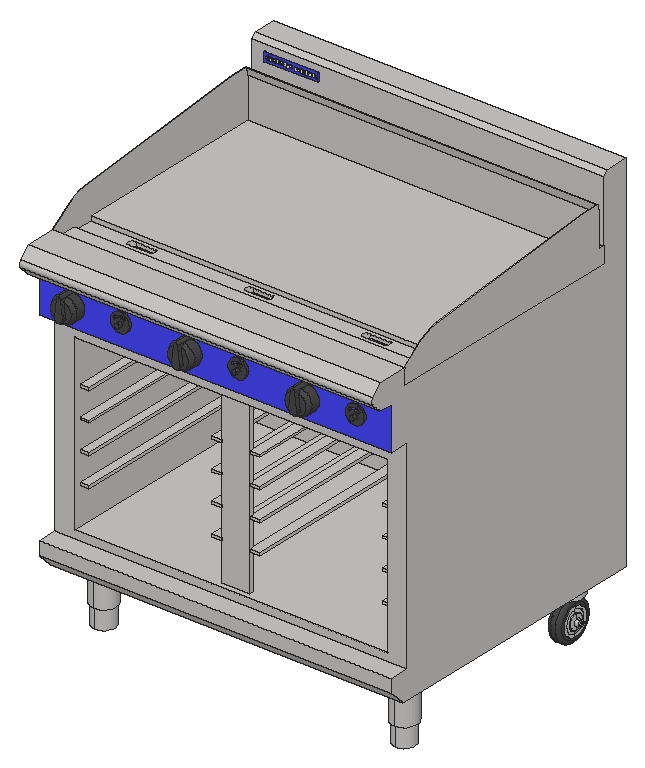
Revit family "QF_MOFFAT_BLUESEAL_CE_G516A-CB", category Specialty Equipment, Revit 2012
Parameters
  Width = 900 mm
  Weight in Pounds = 396  # constant formula
  URL Cutsheet = "www.moffat.com"
  URL = "www.moffat.com"
  Type Mark [instance] = ""
  Status [instance] = ""
  Specification by User [instance] = ""
  Specification by Manufacturer = ""
  Show Logo [instance] = yes
  Show Casters [instance] = yes
  Serial Number = ""
  Seismic Rating = ""
  SMACNA No = ""
  Revision Code [instance] = ""
  Omniclass Number and Title = ""
  NAFEM Spec ID Number = ""
  Model = "G516A-CB"
  Mechanical Remarks = ""
  Mechanical Connection Type = ""
  Masterspec = ""
  Manufacturer = "MOFFAT BLUESEAL"
  Legs [instance] = not(Show Casters)  # no
  Item Number [instance] = ""
  Installed By [instance] = ""
  Identify Quantity as Lot [instance] = yes
  Gas Size = 3/4"
  Gas RI Height = 0 mm
  Gas KW = 18
  Gas Input = 61200.0 Btu/h
  Gas Connection Height = 0 mm
  Furnished By [instance] = ""
  Foodservice Equipment Identifier [instance] = yes
  Description = "900MM GAS GRIDDLE PLATE ON CABINET BASE"
  Depth = 812 mm
  CSI MasterFormat = ""
  CSI Master Format = ""
  Base Height [instance] = 150 mm
Reference planes
  plane 1 "BACK": y = 0
  plane 2: z = 0
  plane 3 "LEFT": x = 0
  plane 4 "RIGHT": x = 900
  plane 5 "FRONT": y = -812
  plane 6 "TOP": z = 970
  plane 7 "Center Y": x = 450
  plane 8 "Center X": y = -406
  plane 9 "Base Height": z = 150
  plane 10: z = 915
  plane 11: z = 1085
  plane 12: z = 740
  plane 13: x = 834
  plane 14: x = 65
  plane 15: y = -625
  plane 16: y = -100
Forms (mm)
  Extrusion 1, solid, material "QF_Finishes_Stainless Steel"
    sketch origin (0, 0, 0) x (0, 1, 0) y (0, 0, 1)
      loop
        line (0, 150) -> (0, 1085) -> (-57.5, 1085) -> (-70, 1072.5) -> (-70, 875) -> (-705.25, 875) -> (-705.25, 915) -> (-783.97, 915) -> (-808.485, 890.485)
        arc (-808.485, 890.485) -> (-811.999, 882) -> (-808.485, 873.515) r 12
        line (-808.485, 873.515) -> (-784.97, 850) -> (-749, 850) -> (-749, 740) -> (-130.5, 740) -> (-130.5, 222.5) -> (-749, 222.5) -> (-749, 186) -> (-713, 150) -> (0, 150)
    from 0 to 900
  Extrusion 2, void
    sketch origin (705, 3, 100) x (1, 0, 0) y (0, 1, 0)
      loop
        circle (65, -35) r 13.5
    from 640 to 570
  Revolve 3, solid, material "QF_Finishes_Black"
    sketch origin (90, 7, 760) x (0, 1, 0) y (0, 0, -1)
      loop
        line (-789, -69.5) -> (-766, -69.5) -> (-766, -42) -> (-756, -42) -> (-756, -37) -> (-800, -37) -> (-800, -63.651) -> (-789, -69.5)
      axis (-800, -37) -> (-756, -37)
    angle from 0 to 360
  Extrusion 4, solid, material "QF_Finishes_Black"
    sketch origin (228.27, 7, 760.158) x (-1, 0, 0) y (0, 0, -1)
      loop
        line (127.85, -26.037) -> (133.271, -68.955)
        arc (133.271, -68.955) -> (138.27, -73.842) -> (143.268, -68.955) r 5
        line (143.268, -68.955) -> (148.757, -24.87)
        arc (148.757, -24.87) -> (137.685, -14.371) -> (127.85, -26.037) r 10.487
    from 759 to 808
  Revolve 5, solid, material "QF_Finishes_Stainless Steel", visible <- "Legs"
    sketch origin (834, -165, 0) x (0, 1, 0) y (0, 0, -1)
      loop
        line (33.25, -150) -> (65, -150) -> (65, 0) -> (37.5, 0) -> (37.5, -50) -> (33.25, -50) -> (33.25, -150)
      axis (65, -150) -> (65, 0)
    angle from 0 to 360
  Revolve 6, solid, material "QF_Finishes_Stainless Steel"
    sketch origin (834, -728, 0) x (0, 1, 0) y (0, 0, -1)
      loop
        line (71.25, -150) -> (103, -150) -> (103, 0) -> (75.5, 0) -> (75.5, -50) -> (71.25, -50) -> (71.25, -150)
      axis (103, -150) -> (103, 0)
    angle from 0 to 360
  Extrusion 7, solid, material "QF_Finishes_Stainless Steel"
    sketch origin (0, -130.5, 735) x (0, 0, 1) y (-1, 0, 0)
      loop
        line (5, -900) -> (5, 0) -> (-512.5, 0) -> (-512.5, -900) -> (5, -900)
      loop
        line (-50, -850) -> (-50, -50) -> (-492.5, -50) -> (-492.5, -850) -> (-50, -850)
    from 0 to 568.5
  Extrusion 8, void
    sketch origin (0, 0, 150) x (-1, 0, 0) y (0, -1, 0)
      loop
        line (-824.497, 87.26) -> (-824.497, -30.24) -> (-694.997, -30.24) -> (-694.997, 38.76) -> (-743.497, 87.26) -> (-824.497, 87.26)
    from 72.5 to 590
  Extrusion 9, solid, material "QF_Finishes_Stainless Steel"
    sketch origin (0, -130.5, 735) x (0, 0, 1) y (-1, 0, 0)
      loop
        line (-50, -485.5) -> (-50, -414.5) -> (-492.5, -414.5) -> (-492.5, -485.5) -> (-50, -485.5)
    from 543.302 to 553.302
  Extrusion 10, solid, material "QF_Finishes_Stainless Steel"
    sketch origin (0, -130.5, 735) x (0, 0, 1) y (-1, 0, 0)
      loop
        line (-246.25, -414.5) -> (-239.9, -414.5) -> (-239.9, -389.5) -> (-246.25, -389.5) -> (-246.25, -414.5)
      loop
        line (-321.25, -414.5) -> (-314.9, -414.5) -> (-314.9, -389.5) -> (-321.25, -389.5) -> (-321.25, -414.5)
      loop
        line (-321.25, -50) -> (-321.25, -75) -> (-314.9, -75) -> (-314.9, -50) -> (-321.25, -50)
      loop
        line (-239.9, -75) -> (-239.9, -50) -> (-246.25, -50) -> (-246.25, -75) -> (-239.9, -75)
      loop
        line (-396.25, -414.5) -> (-389.9, -414.5) -> (-389.9, -389.5) -> (-396.25, -389.5) -> (-396.25, -414.5)
      loop
        line (-396.25, -50) -> (-396.25, -75) -> (-389.9, -75) -> (-389.9, -50) -> (-396.25, -50)
      loop
        line (-171.25, -414.5) -> (-164.9, -414.5) -> (-164.9, -389.5) -> (-171.25, -389.5) -> (-171.25, -414.5)
      loop
        line (-164.9, -75) -> (-164.9, -50) -> (-171.25, -50) -> (-171.25, -75) -> (-164.9, -75)
      loop
        line (-246.25, -485.5) -> (-246.25, -510.5) -> (-239.9, -510.5) -> (-239.9, -485.5) -> (-246.25, -485.5)
      loop
        line (-321.25, -485.5) -> (-321.25, -510.5) -> (-314.9, -510.5) -> (-314.9, -485.5) -> (-321.25, -485.5)
      loop
        line (-321.25, -850) -> (-314.9, -850) -> (-314.9, -825) -> (-321.25, -825) -> (-321.25, -850)
      loop
        line (-239.9, -825) -> (-246.25, -825) -> (-246.25, -850) -> (-239.9, -850) -> (-239.9, -825)
      loop
        line (-396.25, -485.5) -> (-396.25, -510.5) -> (-389.9, -510.5) -> (-389.9, -485.5) -> (-396.25, -485.5)
      loop
        line (-396.25, -850) -> (-389.9, -850) -> (-389.9, -825) -> (-396.25, -825) -> (-396.25, -850)
      loop
        line (-171.25, -485.5) -> (-171.25, -510.5) -> (-164.9, -510.5) -> (-164.9, -485.5) -> (-171.25, -485.5)
      loop
        line (-164.9, -825) -> (-171.25, -825) -> (-171.25, -850) -> (-164.9, -850) -> (-164.9, -825)
    from 0 to 553.302
  Extrusion 11, solid, material "QF_Finishes_Stainless Steel"
    sketch origin (705, -4.5, 740) x (0, 1, 0) y (1, 0, 0)
      loop
        circle (-27.5, 65) r 6.35
    from 0 to 1.6
  Revolve 12, solid, material "QF_Finishes_Stainless Steel", visible <- "Show Casters"
    sketch origin (784.648, -99.755, -13.653) x (1, 0, 0) y (0, 0, 1)
      loop
        line (14.841, 63.604) -> (83.584, 63.604) -> (83.584, 67.109) -> (82.314, 68.379) -> (80.79, 68.379) -> (80.79, 71.826) -> (68.644, 71.826) -> (68.644, 81.79) -> (65.088, 83.843) -> (63.738, 92.179) -> (65.881, 92.179) -> (65.881, 98.529) -> (65.088, 98.529) -> (65.088, 104.879)
        arc (65.088, 104.879) -> (62.298, 111.614) -> (55.563, 114.404) r 9.525
        line (55.563, 114.404) -> (42.863, 114.404)
        arc (42.863, 114.404) -> (36.127, 111.614) -> (33.338, 104.879) r 9.525
        line (33.338, 104.879) -> (33.338, 98.529) -> (32.544, 98.529) -> (32.544, 92.179) -> (34.687, 92.179) -> (33.352, 83.932) -> (29.782, 81.871) -> (29.782, 71.826) -> (17.635, 71.826) -> (17.635, 68.379) -> (16.111, 68.379) -> (14.841, 67.109) -> (14.841, 63.604)
      axis (14.841, 63.604) -> (83.584, 63.604)
    angle from 0 to 360
  Revolve 13, solid, material "QF_Finishes_Stainless Steel", visible <- "Show Casters"
    sketch origin (833.871, -203, 0) x (0, 1, 0) y (0, 0, 1)
      loop
        line (68.25, 150) -> (68.25, 110) -> (104, 110) -> (104, 150) -> (68.25, 150)
      axis (104, 150) -> (104, 110)
    angle from 0 to 360
  Revolve 14, solid, material "QF_Finishes_Stainless Steel", visible <- "Legs"
    sketch origin (65, -165, 0) x (0, 1, 0) y (0, 0, -1)
      loop
        line (33.25, -150) -> (65, -150) -> (65, 0) -> (37.5, 0) -> (37.5, -50) -> (33.25, -50) -> (33.25, -150)
      axis (65, -150) -> (65, 0)
    angle from 0 to 360
  Revolve 15, solid, material "QF_Finishes_Stainless Steel"
    sketch origin (65, -728, 0) x (0, 1, 0) y (0, 0, -1)
      loop
        line (71.25, -150) -> (103, -150) -> (103, 0) -> (75.5, 0) -> (75.5, -50) -> (71.25, -50) -> (71.25, -150)
      axis (103, -150) -> (103, 0)
    angle from 0 to 360
  Revolve 16, solid, material "QF_Finishes_Stainless Steel", visible <- "Show Casters"
    sketch origin (15.648, -99.755, -13.653) x (1, 0, 0) y (0, 0, 1)
      loop
        line (14.841, 63.604) -> (83.584, 63.604) -> (83.584, 67.109) -> (82.314, 68.379) -> (80.79, 68.379) -> (80.79, 71.826) -> (68.644, 71.826) -> (68.644, 81.79) -> (65.088, 83.843) -> (63.738, 92.179) -> (65.881, 92.179) -> (65.881, 98.529) -> (65.088, 98.529) -> (65.088, 104.879)
        arc (65.088, 104.879) -> (62.298, 111.614) -> (55.563, 114.404) r 9.525
        line (55.563, 114.404) -> (42.863, 114.404)
        arc (42.863, 114.404) -> (36.127, 111.614) -> (33.338, 104.879) r 9.525
        line (33.338, 104.879) -> (33.338, 98.529) -> (32.544, 98.529) -> (32.544, 92.179) -> (34.687, 92.179) -> (33.352, 83.932) -> (29.782, 81.871) -> (29.782, 71.826) -> (17.635, 71.826) -> (17.635, 68.379) -> (16.111, 68.379) -> (14.841, 67.109) -> (14.841, 63.604)
      axis (14.841, 63.604) -> (83.584, 63.604)
    angle from 0 to 360
  Revolve 17, solid, material "QF_Finishes_Stainless Steel", visible <- "Show Casters"
    sketch origin (64.871, -203, 0) x (0, 1, 0) y (0, 0, 1)
      loop
        line (68.25, 150) -> (68.25, 110) -> (104, 110) -> (104, 150) -> (68.25, 150)
      axis (104, 150) -> (104, 110)
    angle from 0 to 360
  Revolve 18, solid, material "QF_Finishes_Black"
    sketch origin (390, 7, 760) x (0, 1, 0) y (0, 0, -1)
      loop
        line (-789, -69.5) -> (-766, -69.5) -> (-766, -42) -> (-756, -42) -> (-756, -37) -> (-800, -37) -> (-800, -63.651) -> (-789, -69.5)
      axis (-800, -37) -> (-756, -37)
    angle from 0 to 360
  Extrusion 19, solid, material "QF_Finishes_Black"
    sketch origin (528.27, 7, 760.158) x (-1, 0, 0) y (0, 0, -1)
      loop
        line (127.85, -26.037) -> (133.271, -68.955)
        arc (133.271, -68.955) -> (138.27, -73.842) -> (143.268, -68.955) r 5
        line (143.268, -68.955) -> (148.757, -24.87)
        arc (148.757, -24.87) -> (137.685, -14.371) -> (127.85, -26.037) r 10.487
    from 759 to 808
  Revolve 20, solid, material "QF_Finishes_Black"
    sketch origin (690, 7, 760) x (0, 1, 0) y (0, 0, -1)
      loop
        line (-789, -69.5) -> (-766, -69.5) -> (-766, -42) -> (-756, -42) -> (-756, -37) -> (-800, -37) -> (-800, -63.651) -> (-789, -69.5)
      axis (-800, -37) -> (-756, -37)
    angle from 0 to 360
  Extrusion 21, solid, material "QF_Finishes_Black"
    sketch origin (828.27, 7, 760.158) x (-1, 0, 0) y (0, 0, -1)
      loop
        line (127.85, -26.037) -> (133.271, -68.955)
        arc (133.271, -68.955) -> (138.27, -73.842) -> (143.268, -68.955) r 5
        line (143.268, -68.955) -> (148.757, -24.87)
        arc (148.757, -24.87) -> (137.685, -14.371) -> (127.85, -26.037) r 10.487
    from 759 to 808
  Extrusion 22, solid, material "QF_Finishes_Black"
    sketch origin (0, -749, 850) x (0, 0, -1) y (1, 0, 0)
      loop
        circle (53, 210) r 23.9
      loop
        circle (53, 510) r 23.9
      loop
        circle (53, 810) r 23.9
      loop
        arc (45.641, 818.419) -> (46.501, 823.219) -> (41.701, 824.079) r 3.448
        arc (41.701, 824.079) -> (35.116, 809.341) -> (42.919, 795.209) r 18.095
        arc (42.919, 795.209) -> (47.641, 796.491) -> (46.326, 801.204) r 3.448
        arc (46.326, 801.204) -> (42.758, 809.683) -> (45.641, 818.419) r 13.109
      loop
        arc (45.641, 518.419) -> (46.501, 523.219) -> (41.701, 524.079) r 3.448
        arc (41.701, 524.079) -> (35.116, 509.341) -> (42.919, 495.209) r 18.095
        arc (42.919, 495.209) -> (47.641, 496.491) -> (46.326, 501.204) r 3.448
        arc (46.326, 501.204) -> (42.758, 509.683) -> (45.641, 518.419) r 13.109
      loop
        arc (45.641, 218.419) -> (46.501, 223.219) -> (41.701, 224.079) r 3.448
        arc (41.701, 224.079) -> (35.116, 209.341) -> (42.919, 195.209) r 18.095
        arc (42.919, 195.209) -> (47.641, 196.491) -> (46.326, 201.204) r 3.448
        arc (46.326, 201.204) -> (42.758, 209.683) -> (45.641, 218.419) r 13.109
    from 0 to 5
  Extrusion 23, solid, material "QF_Finishes_Black"
    sketch origin (0, -754, 850) x (0, 0, -1) y (1, 0, 0)
      loop
        circle (56.5, 210) r 5.75
      loop
        circle (56.5, 510) r 5.75
      loop
        circle (56.5, 810) r 5.75
    from 0 to 10
Cuts and joins
  Extrusion 2, Extrusion 8 cuts Extrusion 1
  joined: Extrusion 1, Extrusion 7
Lines and regions (mm)
  Split face 1
    outline origin (900, 0, 1085) x (-1, 0, 0) y (0, -1, 0)
      loop
        arc (856, 18.385) -> (864.66, 23.385) -> (864.66, 33.385) r 10
        line (864.66, 33.385) -> (860.619, 40.385)
        arc (860.619, 40.385) -> (856.959, 44.045) -> (851.959, 45.385) r 10
        line (851.959, 45.385) -> (624, 45.385)
        arc (624, 45.385) -> (615.34, 40.385) -> (615.34, 30.385) r 10
        line (615.34, 30.385) -> (619.381, 23.385)
        arc (619.381, 23.385) -> (623.041, 19.725) -> (628.041, 18.385) r 10
        line (628.041, 18.385) -> (856, 18.385)
  Split face 2
    outline origin (900, 0, 1085) x (-1, 0, 0) y (0, -1, 0)
      loop
        arc (44, 45.385) -> (35.34, 40.385) -> (35.34, 30.385) r 10
        line (35.34, 30.385) -> (39.381, 23.385)
        arc (39.381, 23.385) -> (43.041, 19.725) -> (48.041, 18.385) r 10
        line (48.041, 18.385) -> (276, 18.385)
        arc (276, 18.385) -> (284.66, 23.385) -> (284.66, 33.385) r 10
        line (284.66, 33.385) -> (280.619, 40.385)
        arc (280.619, 40.385) -> (276.959, 44.045) -> (271.959, 45.385) r 10
        line (271.959, 45.385) -> (44, 45.385)
  Split face 3
    outline origin (900, 0, 1085) x (-1, 0, 0) y (0, -1, 0)
      loop
        arc (566, 18.385) -> (574.66, 23.385) -> (574.66, 33.385) r 10
        line (574.66, 33.385) -> (570.619, 40.385)
        arc (570.619, 40.385) -> (566.959, 44.045) -> (561.959, 45.385) r 10
        line (561.959, 45.385) -> (334, 45.385)
        arc (334, 45.385) -> (325.34, 40.385) -> (325.34, 30.385) r 10
        line (325.34, 30.385) -> (329.381, 23.385)
        arc (329.381, 23.385) -> (333.041, 19.725) -> (338.041, 18.385) r 10
        line (338.041, 18.385) -> (566, 18.385)
  symbolic lines, style "SpecialityEquipmentHiddenLines", visible <- "Show Casters"
    curve 1: line (78.456, -46.735, 0) -> (105.952, -62.61, 0)
    curve 2: line (27.656, -134.723, 0) -> (78.456, -46.735, 0)
    curve 3: line (55.152, -150.598, 0) -> (27.656, -134.723, 0)
    curve 4: line (105.952, -62.61, 0) -> (55.152, -150.598, 0)
    curve 5: line (847.456, -46.735, 0) -> (874.952, -62.61, 0)
    curve 6: line (796.656, -134.723, 0) -> (847.456, -46.735, 0)
    curve 7: line (824.152, -150.598, 0) -> (796.656, -134.723, 0)
    curve 8: line (874.952, -62.61, 0) -> (824.152, -150.598, 0)
  symbolic lines
    curve 9: line (0, -783.97, 0) -> (900, -783.97, 0)
    curve 10: line (0, -811.999, 0) -> (900, -811.999, 0)
    curve 11: line (0, 0, 0) -> (0, -811.999, 0)
    curve 12: line (900, 0, 0) -> (0, 0, 0)
    curve 13: line (900, -811.999, 0) -> (900, 0, 0)
    curve 14: line (624, -18.385, 0) -> (851.959, -18.385, 0)
    curve 15: arc (851.959, -18.385, 0) -> (856.959, -19.725, 0) -> (860.619, -23.385, 0) r 10
    curve 16: line (860.619, -23.385, 0) -> (864.66, -30.385, 0)
    curve 17: arc (864.66, -30.385, 0) -> (864.66, -40.385, 0) -> (856, -45.385, 0) r 10
    curve 18: line (856, -45.385, 0) -> (628.041, -45.385, 0)
    curve 19: arc (628.041, -45.385, 0) -> (623.041, -44.045, 0) -> (619.381, -40.385, 0) r 10
    curve 20: line (619.381, -40.385, 0) -> (615.34, -33.385, 0)
    curve 21: arc (615.34, -33.385, 0) -> (615.34, -23.385, 0) -> (624, -18.385, 0) r 10
    curve 22: line (561.959, -18.385, 0) -> (334, -18.385, 0)
    curve 23: arc (334, -18.385, 0) -> (325.34, -23.385, 0) -> (325.34, -33.385, 0) r 10
    curve 24: line (325.34, -33.385, 0) -> (329.381, -40.385, 0)
    curve 25: arc (329.381, -40.385, 0) -> (333.041, -44.045, 0) -> (338.041, -45.385, 0) r 10
    curve 26: line (338.041, -45.385, 0) -> (566, -45.385, 0)
    curve 27: arc (566, -45.385, 0) -> (574.66, -40.385, 0) -> (574.66, -30.385, 0) r 10
    curve 28: line (574.66, -30.385, 0) -> (570.619, -23.385, 0)
    curve 29: arc (570.619, -23.385, 0) -> (566.959, -19.725, 0) -> (561.959, -18.385, 0) r 10
    curve 30: line (44, -18.385, 0) -> (271.959, -18.385, 0)
    curve 31: arc (271.959, -18.385, 0) -> (276.959, -19.725, 0) -> (280.619, -23.385, 0) r 10
    curve 32: line (280.619, -23.385, 0) -> (284.66, -30.385, 0)
    curve 33: arc (284.66, -30.385, 0) -> (284.66, -40.385, 0) -> (276, -45.385, 0) r 10
    curve 34: line (276, -45.385, 0) -> (48.041, -45.385, 0)
    curve 35: arc (48.041, -45.385, 0) -> (43.041, -44.045, 0) -> (39.381, -40.385, 0) r 10
    curve 36: line (39.381, -40.385, 0) -> (35.34, -33.385, 0)
    curve 37: arc (35.34, -33.385, 0) -> (35.34, -23.385, 0) -> (44, -18.385, 0) r 10
    curve 38: line (0, -705.25, 0) -> (900, -705.25, 0)
    curve 39: line (0, -57.5, 0) -> (900, -57.5, 0)
    curve 40: line (0, -70, 0) -> (900, -70, 0)
Dimensions and locks
  equal spacing: plane 3 "LEFT", plane 7 "Center Y", plane 4 "RIGHT"
  "Width": plane 3 "LEFT" to plane 4 "RIGHT"
  equal spacing: plane 5 "FRONT", plane 8 "Center X", plane 1 "BACK"
  "Depth": plane 5 "FRONT" to plane 1 "BACK"
  "Base Height": plane 9 "Base Height" to level
  plane 10 to level = 915 mm
  cut or joined group of Extrusion 1, Extrusion 2, Extrusion 7, Extrusion 8 to level = 740 mm
  plane 11 to plane 2 = 1085 mm
  plane 2 to plane 12 = 740 mm
  plane 13 to plane 14 = 769 mm
  plane 16 to plane 15 = 525 mm
  plane 1 "BACK" to plane 16 = 100 mm
  Revolve 12 sketch curve to Revolve 12 sketch curve = 50.8 mm
  Extrusion 11 sketch curve to plane 4 "RIGHT" = 130 mm
  Revolve 16 sketch curve to Revolve 16 sketch curve = 50.8 mm
  Extrusion 11 sketch curve to plane 1 "BACK" = 32 mm
  aligned and locked: level to plane 2
Automatic sketch dimensions
  plane 1 "BACK" to curve 12 = 0 mm
  curve 12 to plane 3 "LEFT" = 0 mm
  curve 10 to plane 4 "RIGHT" = 0 mm
  plane 3 "LEFT" to curve 2 = 27.656 mm
  curve 36 to plane 14 = 29.66 mm
  curve 37 to curve 35 = 4.041 mm  (x2)
  curve 37 to curve 37 = 8.66 mm
  curve 4 to plane 14 = 9.848 mm
  plane 14 to curve 1 = 13.456 mm
  plane 1 "BACK" to curve 30 = 18.385 mm
  curve 1 to curve 30 = 166.007 mm
  curve 31 to curve 34 = 4.041 mm
  curve 30 to curve 31 = 8.66 mm
  plane 1 "BACK" to curve 32 = 30.385 mm
  curve 31 to curve 32 = 4.041 mm
  plane 1 "BACK" to curve 24 = 33.385 mm
  curve 32 to curve 24 = 40.679 mm
  curve 24 to curve 25 = 4.041 mm
  curve 23 to curve 22 = 8.66 mm
  curve 25 to curve 25 = 8.66 mm
  plane 1 "BACK" to curve 29 = 28.385 mm
  plane 7 "Center Y" to curve 29 = 111.959 mm
  curve 29 to curve 27 = 4.041 mm
  curve 22 to curve 29 = 8.66 mm
  plane 1 "BACK" to curve 28 = 30.385 mm
  curve 29 to curve 28 = 4.041 mm
  plane 1 "BACK" to curve 20 = 33.385 mm
  curve 28 to curve 20 = 40.679 mm
  plane 1 "BACK" to curve 20 = 40.385 mm
  curve 20 to curve 20 = 4.041 mm
  curve 20 to curve 21 = 8.66 mm
  curve 21 to curve 19 = 4.041 mm
  curve 6 to plane 13 = 37.344 mm
  curve 8 to plane 13 = 9.848 mm
  plane 13 to curve 6 = 13.456 mm
  plane 13 to curve 15 = 17.959 mm
  curve 15 to curve 17 = 4.041 mm
  curve 14 to curve 16 = 8.66 mm
  curve 16 to curve 16 = 4.041 mm
  curve 35 to curve 30 = 27 mm
  curve 19 to curve 19 = 5 mm
  curve 25 to curve 23 = 12 mm
  curve 1 to curve 35 = 1.35 mm
  curve 5 to curve 17 = 1.35 mm
  curve 39 to plane 16 = 42.5 mm
  curve 8 to curve 39 = 5.11 mm
  curve 1 to curve 1 = 15.875 mm
  curve 40 to curve 39 = 12.5 mm
  plane 15 to curve 38 = 80.25 mm
  curve 9 to plane 5 "FRONT" = 28.03 mm
  curve 10 to plane 5 "FRONT" = 0.001 mm
  curve 25 to curve 24 = 7 mm
  curve 34 to curve 35 = 5 mm
  curve 18 to curve 17 = 10 mm
  curve 35 to curve 37 = 7 mm
  curve 25 to curve 23 = 7 mm
  curve 19 to curve 21 = 7 mm
  curve 33 to curve 31 = 7 mm
  curve 17 to curve 15 = 7 mm
  Extrusion 1 sketch curve to plane 10 = 0 mm
  plane 12 to Extrusion 1 sketch curve = 0 mm
  Extrusion 1 sketch curve to plane 9 "Base Height" = 0 mm
  Extrusion 1 sketch curve to plane 11 = 0 mm
  Extrusion 1 sketch curve to plane 1 "BACK" = 0 mm
  Extrusion 1 sketch curve to plane 16 = 42.5 mm
  Extrusion 1 sketch curve to plane 16 = 30 mm
  plane 16 to Extrusion 1 sketch curve = 30.5 mm
  plane 15 to Extrusion 1 sketch curve = 80.25 mm
  plane 15 to Extrusion 1 sketch curve = 88 mm
  Extrusion 1 sketch curve to plane 5 "FRONT" = 63 mm  (x2)
  Extrusion 1 sketch curve to plane 5 "FRONT" = 28.03 mm
  Extrusion 1 sketch curve to plane 5 "FRONT" = 27.03 mm
  Extrusion 1 sketch curve to plane 5 "FRONT" = 12.001 mm
  Extrusion 1 sketch curve to plane 5 "FRONT" = 3.515 mm  (x2)
  plane 9 "Base Height" to Extrusion 1 sketch curve = 36 mm
  Extrusion 1 sketch curve to Extrusion 1 sketch curve = 36.5 mm
  Extrusion 1 sketch curve to plane 10 = 65 mm
  Extrusion 1 sketch curve to Extrusion 1 sketch curve = 23.515 mm
  Extrusion 1 sketch curve to plane 10 = 40 mm
  Extrusion 1 sketch curve to Extrusion 1 sketch curve = 8.485 mm
  Extrusion 1 sketch curve to plane 11 = 12.5 mm
  plane 1 "BACK" to Extrusion 2 sketch curve = 32 mm
  Extrusion 2 sketch curve to plane 13 = 64 mm
  Revolve 3 sketch curve to plane 5 "FRONT" = 19 mm
  Revolve 3 sketch curve to Revolve 3 sketch curve = 0 mm  (x2)
  Revolve 3 sketch curve to Revolve 3 sketch curve = 11 mm
  Revolve 3 sketch curve to Revolve 3 sketch curve = 12.7 mm
  Revolve 3 sketch curve to Revolve 3 sketch curve = 23 mm
  Revolve 3 sketch curve to Revolve 3 sketch curve = 10 mm
  Revolve 3 sketch curve to plane 10 = 85.5 mm
  Revolve 3 sketch curve to Revolve 3 sketch curve = 5.849 mm
  Revolve 3 sketch curve to Revolve 3 sketch curve = 27.5 mm
  Revolve 3 sketch curve to Revolve 3 sketch curve = 5 mm
  plane 14 to Extrusion 4 sketch curve = 35.419 mm
  plane 14 to Extrusion 4 sketch curve = 29.999 mm
  Extrusion 4 sketch curve to Extrusion 4 sketch curve = 10.419 mm
  Extrusion 4 sketch curve to Extrusion 4 sketch curve = 4.999 mm  (x2)
  Extrusion 4 sketch curve to Extrusion 4 sketch curve = 10.487 mm
  Extrusion 4 sketch curve to plane 10 = 85.887 mm
  Extrusion 4 sketch curve to Extrusion 4 sketch curve = 0.113 mm
  Extrusion 4 sketch curve to Extrusion 4 sketch curve = 42.919 mm
  Extrusion 4 sketch curve to Extrusion 4 sketch curve = 1.167 mm
  Revolve 5 sketch curve to plane 9 "Base Height" = 0 mm
  Revolve 5 sketch curve to level = 0 mm
  Revolve 5 sketch curve to plane 16 = 0 mm  (x2)
  plane 16 to Revolve 5 sketch curve = 27.5 mm
  plane 16 to Revolve 5 sketch curve = 31.75 mm
  level to Revolve 5 sketch curve = 50 mm
  Revolve 5 sketch curve to Revolve 5 sketch curve = 0 mm
  Revolve 5 sketch curve to Revolve 5 sketch curve = 55 mm
  Revolve 6 sketch curve to plane 9 "Base Height" = 0 mm
  Revolve 6 sketch curve to level = 0 mm
  Revolve 6 sketch curve to plane 15 = 0 mm  (x2)
  plane 15 to Revolve 6 sketch curve = 27.5 mm
  plane 15 to Revolve 6 sketch curve = 31.75 mm
  level to Revolve 6 sketch curve = 50 mm
  Revolve 6 sketch curve to Revolve 6 sketch curve = 0 mm
  Revolve 6 sketch curve to Revolve 6 sketch curve = 55 mm
  Extrusion 1 to Extrusion 7 sketch curve = 0 mm
  Extrusion 7 sketch curve to Extrusion 1 = 0 mm  (x3)
  Extrusion 1 to Extrusion 7 sketch curve = 20 mm
  Extrusion 7 sketch curve to Extrusion 1 = 55 mm
  Extrusion 1 to Extrusion 7 sketch curve = 50 mm  (x2)
  Extrusion 8 sketch curve to plane 13 = 9.503 mm
  Extrusion 8 sketch curve to plane 16 = 12.74 mm
  Extrusion 8 sketch curve to Extrusion 8 sketch curve = 81 mm
  Extrusion 8 sketch curve to Extrusion 8 sketch curve = 48.5 mm
  plane 1 "BACK" to Extrusion 8 sketch curve = 38.76 mm
  Extrusion 8 sketch curve to plane 1 "BACK" = 30.24 mm
  Extrusion 1 to Extrusion 9 sketch curve = 20 mm
  Extrusion 9 sketch curve to Extrusion 1 = 55 mm
  Extrusion 1 to Extrusion 9 sketch curve = 414.5 mm
  Extrusion 9 sketch curve to Extrusion 9 sketch curve = 71 mm
  Extrusion 1 to Extrusion 10 sketch curve = 116.25 mm  (x3)
  Extrusion 10 sketch curve to Extrusion 10 sketch curve = 0 mm  (x6)
  Extrusion 1 to Extrusion 10 sketch curve = 50 mm  (x4)
  Extrusion 10 sketch curve to Extrusion 10 sketch curve = 6.35 mm  (x16)
  Extrusion 10 sketch curve to Extrusion 10 sketch curve = 68.65 mm  (x12)
  Extrusion 10 sketch curve to Extrusion 10 sketch curve = 25 mm  (x16)
  Extrusion 10 sketch curve to Extrusion 10 sketch curve = 314.5 mm
  Extrusion 10 sketch curve to Extrusion 10 sketch curve = 71 mm  (x4)
  Extrusion 1 to Extrusion 10 sketch curve = 75 mm  (x2)
  Split face 1 sketch curve to cut or joined group of Extrusion 1, Extrusion 2, Extrusion 7, Extrusion 8 = 27.115 mm
  Split face 1 sketch curve to cut or joined group of Extrusion 1, Extrusion 2, Extrusion 7, Extrusion 8 = 284.66 mm
  Split face 1 sketch curve to Split face 1 sketch curve = 4.041 mm  (x4)
  Split face 1 sketch curve to Split face 1 sketch curve = 8.66 mm  (x2)
  Split face 1 sketch curve to cut or joined group of Extrusion 1, Extrusion 2, Extrusion 7, Extrusion 8 = 12.115 mm
  Split face 1 sketch curve to cut or joined group of Extrusion 1, Extrusion 2, Extrusion 7, Extrusion 8 = 48.041 mm
  Split face 1 sketch curve to Split face 1 sketch curve = 7 mm  (x3)
  Split face 1 sketch curve to Split face 1 sketch curve = 17 mm
  Split face 2 sketch curve to cut or joined group of Extrusion 1, Extrusion 2, Extrusion 7, Extrusion 8 = 35.34 mm
  Split face 2 sketch curve to Split face 2 sketch curve = 4.041 mm  (x4)
  Split face 2 sketch curve to Split face 2 sketch curve = 8.66 mm  (x2)
  Split face 2 sketch curve to cut or joined group of Extrusion 1, Extrusion 2, Extrusion 7, Extrusion 8 = 22.115 mm
  Split face 2 sketch curve to Split face 2 sketch curve = 223.917 mm
  Split face 2 sketch curve to cut or joined group of Extrusion 1, Extrusion 2, Extrusion 7, Extrusion 8 = 17.115 mm
  Split face 2 sketch curve to Split face 2 sketch curve = 10 mm
  Split face 2 sketch curve to Split face 2 sketch curve = 7 mm  (x3)
  Split face 3 sketch curve to cut or joined group of Extrusion 1, Extrusion 2, Extrusion 7, Extrusion 8 = 27.115 mm
  Split face 3 sketch curve to cut or joined group of Extrusion 1, Extrusion 2, Extrusion 7, Extrusion 8 = 325.34 mm
  Split face 3 sketch curve to Split face 3 sketch curve = 4.041 mm  (x4)
  Split face 3 sketch curve to Split face 3 sketch curve = 8.66 mm  (x2)
  Split face 3 sketch curve to cut or joined group of Extrusion 1, Extrusion 2, Extrusion 7, Extrusion 8 = 12.115 mm
  Split face 3 sketch curve to Split face 3 sketch curve = 223.917 mm
  Split face 3 sketch curve to Split face 3 sketch curve = 7 mm  (x3)
  Split face 3 sketch curve to Split face 3 sketch curve = 17 mm
  Revolve 12 sketch curve to plane 13 = 34.511 mm
  Revolve 12 sketch curve to Revolve 12 sketch curve = 1.27 mm  (x4)
  Revolve 12 sketch curve to Revolve 12 sketch curve = 1.524 mm  (x2)
  Revolve 12 sketch curve to Revolve 12 sketch curve = 12.146 mm  (x2)
  Revolve 12 sketch curve to plane 13 = 16.809 mm
  Revolve 12 sketch curve to Revolve 12 sketch curve = 0.794 mm  (x2)
  Revolve 12 sketch curve to Revolve 12 sketch curve = 3.57 mm
  Revolve 12 sketch curve to Revolve 12 sketch curve = 2.143 mm
  Revolve 12 sketch curve to plane 13 = 6.49 mm
  plane 13 to Revolve 12 sketch curve = 5.001 mm
  plane 13 to Revolve 12 sketch curve = 6.21 mm
  plane 13 to Revolve 12 sketch curve = 14.386 mm
  Revolve 12 sketch curve to Revolve 12 sketch curve = 1.349 mm  (x2)
  Revolve 12 sketch curve to Revolve 12 sketch curve = 3.556 mm
  Revolve 12 sketch curve to plane 4 "RIGHT" = 1.551 mm
  level to Revolve 12 sketch curve = 49.952 mm
  Revolve 12 sketch curve to Revolve 12 sketch curve = 0 mm
  Revolve 12 sketch curve to Revolve 12 sketch curve = 3.505 mm  (x2)
  Revolve 12 sketch curve to Revolve 12 sketch curve = 3.447 mm  (x2)
  Revolve 12 sketch curve to Revolve 12 sketch curve = 9.964 mm
  Revolve 12 sketch curve to Revolve 12 sketch curve = 10.045 mm
  Revolve 12 sketch curve to Revolve 12 sketch curve = 2.053 mm
  Revolve 12 sketch curve to Revolve 12 sketch curve = 2.061 mm
  Revolve 12 sketch curve to Revolve 12 sketch curve = 8.247 mm
  Revolve 12 sketch curve to Revolve 12 sketch curve = 8.336 mm
  Revolve 12 sketch curve to Revolve 12 sketch curve = 6.35 mm  (x2)
  Revolve 13 sketch curve to plane 9 "Base Height" = 0 mm
  plane 16 to Revolve 13 sketch curve = 34.75 mm
  Revolve 13 sketch curve to plane 16 = 1 mm  (x2)
  Revolve 13 sketch curve to plane 9 "Base Height" = 40 mm
  level to Revolve 13 sketch curve = 50 mm
  Revolve 13 sketch curve to level = 55 mm
  Revolve 14 sketch curve to plane 9 "Base Height" = 0 mm
  Revolve 14 sketch curve to level = 0 mm
  Revolve 14 sketch curve to plane 16 = 0 mm  (x2)
  plane 16 to Revolve 14 sketch curve = 27.5 mm
  plane 16 to Revolve 14 sketch curve = 31.75 mm
  level to Revolve 14 sketch curve = 50 mm
  Revolve 14 sketch curve to Revolve 14 sketch curve = 0 mm
  Revolve 14 sketch curve to Revolve 14 sketch curve = 55 mm
  Revolve 15 sketch curve to plane 9 "Base Height" = 0 mm
  Revolve 15 sketch curve to level = 0 mm
  Revolve 15 sketch curve to plane 15 = 0 mm  (x2)
  plane 15 to Revolve 15 sketch curve = 27.5 mm
  plane 15 to Revolve 15 sketch curve = 31.75 mm
  level to Revolve 15 sketch curve = 50 mm
  Revolve 15 sketch curve to Revolve 15 sketch curve = 0 mm
  Revolve 15 sketch curve to Revolve 15 sketch curve = 55 mm
  plane 3 "LEFT" to Revolve 16 sketch curve = 30.489 mm
  Revolve 16 sketch curve to Revolve 16 sketch curve = 1.27 mm  (x4)
  Revolve 16 sketch curve to Revolve 16 sketch curve = 1.524 mm  (x2)
  Revolve 16 sketch curve to Revolve 16 sketch curve = 12.146 mm  (x2)
  Revolve 16 sketch curve to plane 14 = 16.809 mm
  Revolve 16 sketch curve to Revolve 16 sketch curve = 0.794 mm  (x2)
  Revolve 16 sketch curve to Revolve 16 sketch curve = 3.57 mm
  Revolve 16 sketch curve to Revolve 16 sketch curve = 2.143 mm
  Revolve 16 sketch curve to plane 14 = 6.49 mm
  plane 14 to Revolve 16 sketch curve = 5.001 mm
  plane 14 to Revolve 16 sketch curve = 6.21 mm
  plane 14 to Revolve 16 sketch curve = 14.386 mm
  Revolve 16 sketch curve to Revolve 16 sketch curve = 1.349 mm  (x2)
  Revolve 16 sketch curve to Revolve 16 sketch curve = 3.556 mm
  Revolve 16 sketch curve to Revolve 16 sketch curve = 33.32 mm
  level to Revolve 16 sketch curve = 49.952 mm
  Revolve 16 sketch curve to Revolve 16 sketch curve = 0 mm
  Revolve 16 sketch curve to Revolve 16 sketch curve = 3.505 mm  (x2)
  Revolve 16 sketch curve to Revolve 16 sketch curve = 3.447 mm  (x2)
  Revolve 16 sketch curve to Revolve 16 sketch curve = 9.964 mm
  Revolve 16 sketch curve to Revolve 16 sketch curve = 10.045 mm
  Revolve 16 sketch curve to Revolve 16 sketch curve = 2.053 mm
  Revolve 16 sketch curve to Revolve 16 sketch curve = 2.061 mm
  Revolve 16 sketch curve to Revolve 16 sketch curve = 8.247 mm
  Revolve 16 sketch curve to Revolve 16 sketch curve = 8.336 mm
  Revolve 16 sketch curve to Revolve 16 sketch curve = 6.35 mm  (x2)
  Revolve 17 sketch curve to plane 9 "Base Height" = 0 mm
  plane 16 to Revolve 17 sketch curve = 34.75 mm
  Revolve 17 sketch curve to plane 16 = 1 mm  (x2)
  Revolve 17 sketch curve to plane 9 "Base Height" = 40 mm
  level to Revolve 17 sketch curve = 50 mm
  Revolve 17 sketch curve to level = 55 mm
  Revolve 18 sketch curve to plane 5 "FRONT" = 19 mm
  Revolve 18 sketch curve to Revolve 18 sketch curve = 0 mm  (x2)
  Revolve 18 sketch curve to Revolve 18 sketch curve = 11 mm
  Revolve 18 sketch curve to Revolve 18 sketch curve = 12.7 mm
  Revolve 18 sketch curve to Revolve 18 sketch curve = 23 mm
  Revolve 18 sketch curve to Revolve 18 sketch curve = 10 mm
  Revolve 18 sketch curve to plane 10 = 85.5 mm
  Revolve 18 sketch curve to Revolve 18 sketch curve = 5.849 mm
  Revolve 18 sketch curve to Revolve 18 sketch curve = 27.5 mm
  Revolve 18 sketch curve to Revolve 18 sketch curve = 5 mm
  Extrusion 19 sketch curve to plane 7 "Center Y" = 49.581 mm
  Extrusion 19 sketch curve to Extrusion 19 sketch curve = 5.421 mm
  Extrusion 19 sketch curve to Extrusion 19 sketch curve = 10.419 mm
  Extrusion 19 sketch curve to Extrusion 19 sketch curve = 4.999 mm  (x2)
  Extrusion 19 sketch curve to Extrusion 19 sketch curve = 10.487 mm
  Extrusion 19 sketch curve to plane 10 = 85.887 mm
  Extrusion 19 sketch curve to Extrusion 19 sketch curve = 0.113 mm
  Extrusion 19 sketch curve to Extrusion 19 sketch curve = 42.919 mm
  Extrusion 19 sketch curve to Extrusion 19 sketch curve = 1.167 mm
  Revolve 20 sketch curve to plane 5 "FRONT" = 19 mm
  Revolve 20 sketch curve to Revolve 20 sketch curve = 0 mm  (x2)
  Revolve 20 sketch curve to Revolve 20 sketch curve = 11 mm
  Revolve 20 sketch curve to Revolve 20 sketch curve = 12.7 mm
  Revolve 20 sketch curve to Revolve 20 sketch curve = 23 mm
  Revolve 20 sketch curve to Revolve 20 sketch curve = 10 mm
  Revolve 20 sketch curve to plane 10 = 85.5 mm
  Revolve 20 sketch curve to Revolve 20 sketch curve = 5.849 mm
  Revolve 20 sketch curve to Revolve 20 sketch curve = 27.5 mm
  Revolve 20 sketch curve to Revolve 20 sketch curve = 5 mm
  Extrusion 21 sketch curve to plane 12 = 46.195 mm
  Extrusion 21 sketch curve to plane 13 = 133.581 mm
  Extrusion 21 sketch curve to Extrusion 21 sketch curve = 5.421 mm
  Extrusion 21 sketch curve to Extrusion 21 sketch curve = 10.419 mm
  Extrusion 21 sketch curve to Extrusion 21 sketch curve = 4.999 mm  (x2)
  Extrusion 21 sketch curve to plane 10 = 85.887 mm
  Extrusion 21 sketch curve to Extrusion 21 sketch curve = 10.487 mm
  Extrusion 21 sketch curve to Extrusion 21 sketch curve = 0.113 mm
  Extrusion 21 sketch curve to Extrusion 21 sketch curve = 1.167 mm
  Extrusion 1 to Extrusion 22 sketch curve = 41.701 mm
  Extrusion 22 sketch curve to Extrusion 22 sketch curve = 1.218 mm
  Extrusion 22 sketch curve to Extrusion 22 sketch curve = 1.97 mm  (x6)
  Extrusion 22 sketch curve to Extrusion 22 sketch curve = 1.724 mm  (x3)
  Extrusion 22 sketch curve to Extrusion 22 sketch curve = 1.683 mm  (x3)
  Extrusion 1 to Extrusion 22 sketch curve = 53 mm  (x2)
  Extrusion 22 sketch curve to Extrusion 22 sketch curve = 6.674 mm
  Extrusion 22 sketch curve to Extrusion 22 sketch curve = 0.195 mm  (x3)
  Extrusion 22 sketch curve to Extrusion 22 sketch curve = 2.662 mm  (x3)
  Extrusion 1 to Extrusion 22 sketch curve = 210 mm
  Extrusion 22 sketch curve to Extrusion 22 sketch curve = 300 mm
  Extrusion 1 to Extrusion 22 sketch curve = 104.791 mm
  Extrusion 22 sketch curve to Extrusion 22 sketch curve = 2.986 mm  (x2)
  Extrusion 22 sketch curve to Extrusion 22 sketch curve = 8.796 mm  (x2)
  Extrusion 22 sketch curve to Extrusion 22 sketch curve = 0.103 mm  (x3)
  Extrusion 22 sketch curve to Extrusion 22 sketch curve = 0.102 mm  (x3)
  Extrusion 22 sketch curve to Extrusion 22 sketch curve = 11.299 mm  (x2)
  Extrusion 22 sketch curve to Extrusion 22 sketch curve = 10.081 mm  (x2)
  Extrusion 22 sketch curve to Extrusion 22 sketch curve = 14.791 mm
  Extrusion 22 sketch curve to Extrusion 22 sketch curve = 3.009 mm
  radius of Extrusion 2 sketch curve = 13.5 mm
  radius of Extrusion 11 sketch curve = 6.35 mm
  radius of Extrusion 22 sketch curve = 23.9 mm  (x3)
Nested families
  nested 1: "WALDORF LOGO_FACE BASE" at (32, -70, 1056.885) x (1, 0, 0) z (0, -1, 0), visible <- "Show Logo", type "WALDORF LOGO_FACE BASE", detail levels medium+fine
    with Show Logo yes
  nested 2: "ELECTRIC GRIDDLE PLATE 900" at (0, -85.003, 875), type "ELECTRIC GRIDDLE PLATE 900"
    with Width 900 mm, Type Mark "", Status "", Specification by User "", Revision Code "", Item Number "", Installed By "", Identify Quantity as Lot yes, Furnished By "", Foodservice Equipment Identifier yes, Depth 620 mm
Connectors
  piping at (770, -32, 738.4)
    settings: on Extrusion 11, index 1, connector radius 0.37402", flow factor 0, pipe flow 0 GPM, pressure drop 0.00 psi, fitting loss kfactor 0, connector angle 0.00°, fixture units 0, engagement length 0 mm, flow configuration 1, flow direction 1, fitting loss method 0, system type 7, joint type 0, gender type 0, connector reference index -1, connector utility 0, adjustable connector no, is connector primary yes, fitting loss table "", connector description "GAS CONNECTION"
Definition of nested family "WALDORF LOGO_FACE BASE"
  Parameters (values of type "WALDORF LOGO_FACE BASE")
    Show Logo [instance] = yes
    Default Elevation = 1219.2 mm
  Reference planes
    plane 1 "Center (Front/Back)": y = 0
    plane 2: z = 0
    plane 3 "Center (Left/Right)": x = 0
  Forms (mm)
    Extrusion 1, solid
      sketch origin (0, 0, 0) x (1, 0, 0) y (0, 1, 0)
        loop
          line (-1219.2, 1219.2) -> (-1219.2, -1219.2) -> (1219.2, -1219.2) -> (1219.2, 1219.2) -> (-1219.2, 1219.2)
      from 0 to -304.8
    Extrusion 2, solid, material "QF_Finishes_Blue", visible <- "Show Logo"
      sketch origin (0, -33.217, 0) x (1, 0, 0) y (0, 1, 0)
        loop
          arc (138, 31.942) -> (137.626, 32.844) -> (136.724, 33.217) r 1.276
          line (136.724, 33.217) -> (1.29, 33.217)
          arc (1.29, 33.217) -> (0.378, 32.839) -> (0, 31.927) r 1.29
          line (0, 31.927) -> (0, 11.507)
          arc (0, 11.507) -> (0.378, 10.595) -> (1.29, 10.217) r 1.29
          line (1.29, 10.217) -> (136.71, 10.217)
          arc (136.71, 10.217) -> (137.622, 10.595) -> (138, 11.507) r 1.29
          line (138, 11.507) -> (138, 31.942)
      from 0 to 1.588
    Extrusion 3, solid, material "QF_Finishes_White", visible <- "Show Logo"
      sketch origin (0, -33.217, 1.588) x (1, 0, 0) y (0, 1, 0)
        loop
          arc (108.946, 25.919) -> (107.613, 25.367) -> (107.061, 24.034) r 1.885
          line (107.061, 24.034) -> (107.061, 17.211) -> (112.704, 17.211) -> (112.704, 19.129) -> (115.546, 19.129) -> (115.546, 17.211) -> (121.584, 17.211) -> (121.584, 24.075)
          arc (121.584, 24.075) -> (121.043, 25.379) -> (119.739, 25.919) r 1.845
          line (119.739, 25.919) -> (108.946, 25.919)
        loop
          line (123.478, 25.919) -> (123.478, 17.163) -> (134.904, 17.163) -> (134.904, 19.129) -> (129.246, 19.129) -> (129.246, 25.919) -> (123.478, 25.919)
        loop
          line (112.704, 21.258) -> (115.546, 21.258) -> (115.546, 22.702)
          arc (115.546, 22.702) -> (115.344, 23.188) -> (114.858, 23.389) r 0.687
          line (114.858, 23.389) -> (113.363, 23.389)
          arc (113.363, 23.389) -> (112.897, 23.196) -> (112.704, 22.73) r 0.658
          line (112.704, 22.73) -> (112.704, 21.258)
        loop
          line (105.071, 25.919) -> (93.771, 25.919) -> (93.771, 17.163) -> (105.071, 17.163) -> (105.071, 19.063) -> (99.535, 19.063) -> (99.535, 20.437) -> (105.071, 20.437) -> (105.071, 22.278) -> (99.535, 22.278) -> (99.535, 23.587) -> (105.071, 23.587) -> (105.071, 25.919)
        loop
          line (91.104, 25.919) -> (79.541, 25.919)
          arc (79.541, 25.919) -> (78.558, 25.513) -> (78.152, 24.53) r 1.389
          line (78.152, 24.53) -> (78.152, 22.08)
          arc (78.152, 22.08) -> (78.558, 21.098) -> (79.541, 20.691) r 1.389
          line (79.541, 20.691) -> (86.346, 20.691) -> (86.346, 18.864) -> (83.266, 18.864) -> (83.266, 19.664) -> (78.152, 19.664) -> (78.152, 18.553)
          arc (78.152, 18.553) -> (78.558, 17.57) -> (79.541, 17.163) r 1.389
          line (79.541, 17.163) -> (91.063, 17.163)
          arc (91.063, 17.163) -> (92.045, 17.57) -> (92.452, 18.553) r 1.389
          line (92.452, 18.553) -> (92.452, 20.691)
          arc (92.452, 20.691) -> (92.045, 21.673) -> (91.063, 22.08) r 1.389
          line (91.063, 22.08) -> (83.266, 22.08) -> (83.266, 23.984) -> (86.346, 23.984) -> (86.346, 22.743) -> (92.452, 22.743) -> (92.452, 24.571)
          arc (92.452, 24.571) -> (92.057, 25.524) -> (91.104, 25.919) r 1.348
        loop
          line (70.705, 25.919) -> (59.405, 25.919) -> (59.405, 17.163) -> (70.705, 17.163) -> (70.705, 19.063) -> (65.169, 19.063) -> (65.169, 20.437) -> (70.705, 20.437) -> (70.705, 22.278) -> (65.169, 22.278) -> (65.169, 23.587) -> (70.705, 23.587) -> (70.705, 25.919)
        loop
          line (57.598, 25.919) -> (51.7, 25.919) -> (51.7, 20.18)
          arc (51.7, 20.18) -> (50.63, 19.11) -> (49.56, 20.18) r 1.07
          line (49.56, 20.18) -> (49.56, 25.919) -> (43.663, 25.919) -> (43.663, 19.049)
          arc (43.663, 19.049) -> (44.215, 17.716) -> (45.548, 17.163) r 1.885
          line (45.548, 17.163) -> (55.71, 17.163)
          arc (55.71, 17.163) -> (57.045, 17.716) -> (57.598, 19.051) r 1.887
          line (57.598, 19.051) -> (57.598, 25.919)
        loop
          line (31.62, 25.919) -> (31.62, 17.163) -> (43.046, 17.163) -> (43.046, 19.129) -> (37.388, 19.129) -> (37.388, 25.919) -> (31.62, 25.919)
        loop
          line (15.969, 25.919) -> (15.969, 17.163) -> (28.693, 17.163)
          arc (28.693, 17.163) -> (29.812, 17.627) -> (30.276, 18.746) r 1.582
          line (30.276, 18.746) -> (30.276, 20.447) -> (29.48, 21.243) -> (30.276, 22.039) -> (30.276, 24.332)
          arc (30.276, 24.332) -> (29.811, 25.454) -> (28.688, 25.919) r 1.587
          line (28.688, 25.919) -> (15.969, 25.919)
        loop
          line (21.449, 24.159) -> (21.449, 22.436) -> (23.862, 22.436)
          arc (23.862, 22.436) -> (24.723, 23.298) -> (23.862, 24.159) r 0.861
          line (23.862, 24.159) -> (21.449, 24.159)
        loop
          line (21.449, 20.244) -> (21.449, 18.522) -> (23.862, 18.522)
          arc (23.862, 18.522) -> (24.723, 19.383) -> (23.862, 20.244) r 0.861
          line (23.862, 20.244) -> (21.449, 20.244)
      from 0 to 0.2
    Extrusion 4, solid, material "QF_Finishes_Blue", visible <- "Show Logo"
      sketch origin (-126.498, -31.09, 1.588) x (1, 0, 0) y (0, 1, 0)
        loop
          line (136.738, 23.522) -> (136.738, 15.1)
          arc (136.738, 15.1) -> (140.756, 19.311) -> (136.738, 23.522) r 4.216
      from 0 to 0.2
    Extrusion 5, solid, material "QF_Finishes_Red", visible <- "Show Logo"
      sketch origin (146.849, -31.09, 1.588) x (-1, 0, 0) y (0, -1, 0)
        loop
          arc (136.738, -23.522) -> (140.756, -19.311) -> (136.738, -15.1) r 4.216
          line (136.738, -15.1) -> (136.738, -23.522)
      from 0 to 0.2
  Lines and regions (mm)
    Split face 1
      outline origin (-90.35, -30.793, 1.588) x (1, 0, 0) y (0, 1, 0)
        loop
          circle (100.54, 19.013) r 4.536
  Dimensions and locks
    aligned and locked: plane 2 to Extrusion 1
    aligned and locked: level to Extrusion 1
Definition of nested family "ELECTRIC GRIDDLE PLATE 900"
  Parameters (values of type "ELECTRIC GRIDDLE PLATE 900")
    Width [instance] = 900 mm
    Weight in Pounds = 0
    URL Cutsheet = ""
    Type Mark [instance] = ""
    Status [instance] = ""
    Specification by User [instance] = ""
    Specification by Manufacturer = ""
    Serial Number = ""
    Seismic Rating = ""
    SMACNA No = ""
    Revision Code [instance] = ""
    Omniclass Number and Title = ""
    NAFEM Spec ID Number = ""
    Masterspec = ""
    Item Number [instance] = ""
    Installed By [instance] = ""
    Identify Quantity as Lot [instance] = yes
    Furnished By [instance] = ""
    Foodservice Equipment Identifier [instance] = yes
    Depth [instance] = 620 mm
    CSI MasterFormat = ""
    CSI Master Format = ""
  Reference planes
    plane 1 "BACK": y = 0
    plane 2: z = 0
    plane 3 "LEFT": x = 0
    plane 4 "RIGHT": x = 900
    plane 5 "FRONT": y = -620
    plane 6 "TOP": z = 142.5
    plane 7 "Center Y": x = 450
    plane 8 "Center X": y = -310
    plane 9: y = -530.997
    plane 10: y = -541.497
    plane 11: y = -503.25
    plane 12: y = -557.737
  Forms (mm)
    Extrusion 1, solid, material "QF_Finishes_Stainless Steel"
      sketch origin (0, 70.003, -874.5) x (0, 1, 0) y (0, 0, 1)
        loop
          line (-70, 875) -> (-70, 997.489) -> (-75.228, 1017) -> (-117.24, 1017) -> (-589.533, 971.523)
          arc (-589.533, 971.523) -> (-614.56, 965.803) -> (-637.306, 953.899) r 100
          line (-637.306, 953.899) -> (-690.003, 917) -> (-690.003, 875) -> (-70, 875)
      from 0 to 1.8
    Extrusion 2, solid, material "QF_Finishes_Stainless Steel"
      sketch origin (600, 70.003, -874.5) x (0, -1, 0) y (0, 0, 1)
        loop
          line (70, 875) -> (690.003, 875) -> (690.003, 917) -> (637.306, 953.899)
          arc (637.306, 953.899) -> (614.56, 965.803) -> (589.533, 971.523) r 100
          line (589.533, 971.523) -> (117.24, 1017) -> (75.228, 1017) -> (70, 997.489) -> (70, 875)
      from -300 to -298.8
    Extrusion 3, solid, material "QF_Finishes_Stainless Steel"
      sketch origin (150, 70.003, -874.5) x (0, 1, 0) y (0, 0, 1)
        loop
          line (-70, 894.5) -> (-573.253, 894.5) -> (-573.253, 884) -> (-627.74, 884) -> (-627.74, 894.5) -> (-690.003, 894.5) -> (-690.003, 874.5) -> (-55, 874.5) -> (-55, 914.5) -> (-70, 914.5) -> (-70, 894.5)
      from -150 to 750
    Extrusion 4, void
      sketch origin (150, -541.497, 10) x (0, -1, 0) y (1, 0, 0)
        loop
          arc (-7.497, 25) -> (-17.497, 35) -> (-27.497, 25) r 10
          line (-27.497, 25) -> (-27.497, -25)
          arc (-27.497, -25) -> (-17.497, -35) -> (-7.497, -25) r 10
          line (-7.497, -25) -> (-7.497, 25)
        loop
          arc (-7.497, 325) -> (-17.497, 335) -> (-27.497, 325) r 10
          line (-27.497, 325) -> (-27.497, 275)
          arc (-27.497, 275) -> (-17.497, 265) -> (-7.497, 275) r 10
          line (-7.497, 275) -> (-7.497, 325)
        loop
          arc (-7.497, 625) -> (-17.497, 635) -> (-27.497, 625) r 10
          line (-27.497, 625) -> (-27.497, 575)
          arc (-27.497, 575) -> (-17.497, 565) -> (-7.497, 575) r 10
          line (-7.497, 575) -> (-7.497, 625)
      from -41.4 to 40.142
    Extrusion 5, solid, material "QF_Finishes_Stainless Steel"
      sketch origin (0, 70.003, -874.5) x (0, 1, 0) y (0, 0, 1)
        loop
          line (-70, 875) -> (-70, 997.489) -> (-75.228, 1017) -> (-76.884, 1017) -> (-71.6, 997.278) -> (-71.6, 875) -> (-70, 875)
      from 0 to 898.8
  Cuts and joins
    Extrusion 4 cuts Extrusion 3
    joined: Extrusion 1, Extrusion 2, Extrusion 3, Extrusion 5
  Lines and regions (mm)
    symbolic lines
      curve 1: line (898.8, -503.25, 0) -> (0, -503.25, 0)
      curve 2: line (1.8, -557.737, 0) -> (898.8, -557.737, 0)
      curve 3: line (0, -620, 0) -> (900, -620, 0)
      curve 4: line (900, -5.225, 0) -> (0, -5.225, 0)
      curve 5: line (0, -5.225, 0) -> (0, -620, 0)
      curve 6: line (900, -620, 0) -> (900, -5.225, 0)
      curve 7: line (125, -514, 0) -> (175, -514, 0)
      curve 8: arc (175, -514, 0) -> (185, -524, 0) -> (175, -534, 0) r 10
      curve 9: line (175, -534, 0) -> (125, -534, 0)
      curve 10: arc (125, -534, 0) -> (115, -524, 0) -> (125, -514, 0) r 10
      curve 11: line (425, -514, 0) -> (475, -514, 0)
      curve 12: arc (475, -514, 0) -> (485, -524, 0) -> (475, -534, 0) r 10
      curve 13: line (475, -534, 0) -> (425, -534, 0)
      curve 14: arc (425, -534, 0) -> (415, -524, 0) -> (425, -514, 0) r 10
      curve 15: line (775, -534, 0) -> (725, -534, 0)
      curve 16: arc (725, -534, 0) -> (715, -524, 0) -> (725, -514, 0) r 10
      curve 17: line (725, -514, 0) -> (775, -514, 0)
      curve 18: arc (775, -514, 0) -> (785, -524, 0) -> (775, -534, 0) r 10
  Dimensions and locks
    equal spacing: plane 3 "LEFT", plane 7 "Center Y", plane 4 "RIGHT"
    "Width": plane 3 "LEFT" to plane 4 "RIGHT"
    equal spacing: plane 5 "FRONT", plane 8 "Center X", plane 1 "BACK"
    "Depth": plane 5 "FRONT" to plane 1 "BACK"
    locked: Extrusion 2 to Extrusion 2 at 1.2
    aligned and locked: level to plane 2
    aligned and locked: Extrusion 2 to plane 4 "RIGHT"
    aligned and locked: curve 1 to plane 11
    aligned and locked: plane 12 to curve 2
    aligned and locked: Extrusion 5 to cut or joined group of Extrusion 1, Extrusion 2, Extrusion 3, Extrusion 4, Extrusion 5
    aligned and locked: cut or joined group of Extrusion 1, Extrusion 2, Extrusion 3, Extrusion 4, Extrusion 5 to plane 4 "RIGHT"
    aligned and locked: cut or joined group of Extrusion 1, Extrusion 2, Extrusion 3, Extrusion 4, Extrusion 5 to plane 3 "LEFT"
  Automatic sketch dimensions
    Extrusion 1 sketch curve to plane 5 "FRONT" = 0 mm
    Extrusion 1 sketch curve to plane 6 "TOP" = 0 mm
    plane 12 to Extrusion 1 sketch curve = 9.566 mm
    plane 11 to Extrusion 1 sketch curve = 16.28 mm
    Extrusion 1 sketch curve to level = 2.516 mm
    plane 11 to Extrusion 1 sketch curve = 6.695 mm
    plane 1 "BACK" to Extrusion 1 sketch curve = 47.237 mm
    plane 1 "BACK" to Extrusion 1 sketch curve = 5.225 mm
    Extrusion 1 sketch curve to plane 1 "BACK" = 0.003 mm
    level to Extrusion 1 sketch curve = 0.5 mm
    Extrusion 1 sketch curve to Extrusion 1 sketch curve = 42 mm
    Extrusion 1 sketch curve to plane 6 "TOP" = 63.101 mm
    Extrusion 1 sketch curve to plane 6 "TOP" = 19.511 mm
    Extrusion 2 sketch curve to plane 6 "TOP" = 0 mm
    Extrusion 2 sketch curve to plane 5 "FRONT" = 0 mm
    plane 12 to Extrusion 2 sketch curve = 9.566 mm
    plane 11 to Extrusion 2 sketch curve = 16.28 mm
    Extrusion 2 sketch curve to level = 2.516 mm
    plane 11 to Extrusion 2 sketch curve = 6.695 mm
    plane 1 "BACK" to Extrusion 2 sketch curve = 47.237 mm
    plane 1 "BACK" to Extrusion 2 sketch curve = 5.225 mm
    Extrusion 2 sketch curve to plane 1 "BACK" = 0.003 mm
    level to Extrusion 2 sketch curve = 0.5 mm
    Extrusion 2 sketch curve to Extrusion 2 sketch curve = 42 mm
    Extrusion 2 sketch curve to plane 6 "TOP" = 63.101 mm
    Extrusion 2 sketch curve to plane 6 "TOP" = 19.511 mm
    plane 1 "BACK" to Extrusion 5 sketch curve = 5.225 mm
    Extrusion 5 sketch curve to plane 1 "BACK" = 0.003 mm
    Extrusion 5 sketch curve to plane 6 "TOP" = 19.511 mm
    Extrusion 5 sketch curve to Extrusion 5 sketch curve = 1.6 mm
    Extrusion 5 sketch curve to Extrusion 5 sketch curve = 0.211 mm
    Extrusion 5 sketch curve to plane 6 "TOP" = 0 mm
    Extrusion 5 sketch curve to Extrusion 5 sketch curve = 1.656 mm
    level to Extrusion 5 sketch curve = 0.5 mm
    plane 5 "FRONT" to curve 3 = 0 mm
    plane 3 "LEFT" to curve 2 = 1.8 mm
    plane 3 "LEFT" to curve 4 = 0 mm
    plane 4 "RIGHT" to curve 2 = 1.2 mm
    plane 4 "RIGHT" to curve 3 = 0 mm
    plane 4 "RIGHT" to curve 1 = 1.2 mm
    plane 1 "BACK" to curve 6 = 5.225 mm
    Extrusion 3 sketch curve to plane 5 "FRONT" = 0 mm
    Extrusion 3 sketch curve to plane 12 = 0 mm
    Extrusion 3 sketch curve to plane 11 = 0 mm
    Extrusion 3 sketch curve to plane 1 "BACK" = 0.003 mm
    level to Extrusion 3 sketch curve = 0 mm
    Extrusion 3 sketch curve to Extrusion 3 sketch curve = 15 mm
    level to Extrusion 3 sketch curve = 9.5 mm
    Extrusion 3 sketch curve to Extrusion 3 sketch curve = 10.5 mm
    Extrusion 3 sketch curve to Extrusion 3 sketch curve = 20 mm  (x2)
    plane 11 to Extrusion 4 sketch curve = 10.75 mm  (x3)
    Extrusion 4 sketch curve to Extrusion 4 sketch curve = 10 mm  (x3)
    plane 3 "LEFT" to Extrusion 4 sketch curve = 125 mm
    Extrusion 4 sketch curve to Extrusion 4 sketch curve = 50 mm  (x2)
    Extrusion 4 sketch curve to plane 7 "Center Y" = 25 mm
    plane 7 "Center Y" to Extrusion 4 sketch curve = 25 mm
    plane 4 "RIGHT" to Extrusion 4 sketch curve = 175 mm
    plane 11 to curve 10 = 20.75 mm
    plane 3 "LEFT" to curve 10 = 125 mm
    curve 8 to plane 12 = 23.737 mm
    curve 9 to curve 8 = 50 mm
    curve 13 to plane 7 "Center Y" = 25 mm
    plane 7 "Center Y" to curve 13 = 25 mm
    curve 13 to plane 12 = 23.737 mm
    curve 14 to curve 14 = 10 mm
    plane 11 to curve 16 = 20.75 mm
    plane 4 "RIGHT" to curve 16 = 175 mm
    curve 15 to plane 12 = 23.737 mm
    curve 15 to curve 15 = 50 mm
